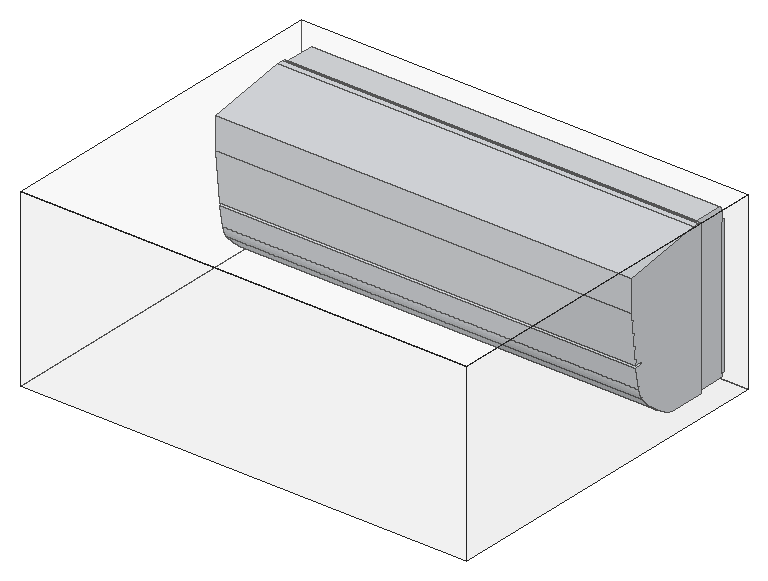
Revit family "msz-gv22_5625_60hz", category 機械設備, Revit 2019
Family settings
  丸型コネクタ寸法 = 直径を使用
  パーツ タイプ = 標準
  OmniClass 番号 = 23.75.10.24.21.27.27
  OmniClass タイトル = Split System Air Conditioning Units
  作業面ベース = いいえ
  常に垂直 = はい
  ロード時にボイドで切り取り = いいえ
  共有 = いいえ
  部屋計算ポイント = いいえ
Parameters (values of type "壁掛_MSZ-GV2225-T-IN")
  風量 = MAX風量  # 635.0 m³/h
  音響パワーレベル(dB) = if([運転音(強冷房)  db] > [運転音(強暖房)  db], [運転音(強冷房)  db], [運転音(強暖房)  db])  # 64
  電源種別 = ""
  電圧_電気ヒーター = 0 V
  電圧 = 100 V
  電動機出力_送風機 = 28.00 W
  運転音(強暖房)  db = 64
  運転音(強冷房)  db = 62
  運転音(弱暖房)  db = 43
  運転音(静冷房)  db = 41
  運転音(弱冷房)  db = 43
  運転音(中暖房)  db = 50
  運転音(中冷房)  db = 51
  運転質量 = 0.00 kg
  連動 = ""
  質量 = if(製品質量 > 運転質量, 製品質量, 運転質量) * 1.2  # 9.60 kg
  負荷分類 = 1 熱源類
  説明 = "ルームエアコン(霧ヶ峰) 　GVシリーズ　室内ユニット"
  設計暖房能力 [instance] = 0.00 kW
  設計冷房能力_顕熱 [instance] = 0 kW
  設計冷房能力 [instance] = 0 kW
  設置方法 = "壁掛 (露出)形"
  記号 [instance] = ""
  製造元 = "三菱電機株式会社"
  製品質量 = 8.00 kg
  製品出荷対象 = "国内"
  製品リリース年月 = "-"
  製品グループ = ""
  系統 [instance] = ""
  符号 = "ACR-WR"
  積算_科目 = "1 空気調和設備"
  積算_拾い区分 [instance] = ""
  相_電気ヒーター = 1
  相 = 1
  盤記号 [instance] = ""
  発停方法 = "付属スイッチ"
  特殊仕様 [instance] = ""
  火災停止 = ""
  消費電力_暖房 = 470.00 W
  消費電力_冷房 = 655.00 W
  消費電力 = 655.00 W
  法定耐用年数 = "6"
  構成品番 = ""
  極数 = 1
  材質 = ""
  本体マテリアル = none
  暖房能力 = 2.20 kW
  暖房 風量 = 635.0 m³/h
  推奨ブレーカー容量 = 0 A
  形式 = "壁掛（露出）形"
  幹線記号 = ""
  始動方式 = "直入"
  呼称 = "パッケージ形空気調和機_室内機"
  周波数 = 60 Hz
  台数_手元リモコン = ""
  参照している仕様書等のバージョン = "公共建築物標準仕様書（機械設備工事編）平成31年度版"
  加湿給水管径 = 0.00 mm
  分類コード = "50053004203000"
  分類グループ = ""
  冷房能力 = 2.2 kW
  冷房 風量 = 635.0 m³/h
  冷媒高低圧ガス管径 = 0.00 mm
  冷媒管径符号 = "Ab"
  冷媒管径 = 100.00 mm
  冷媒液管高さ = 126 mm
  冷媒液管長さ = 85 mm
  冷媒液管径 = 6.35 mm
  冷媒ガス管高さ = 126 mm
  冷媒ガス管長さ = 86 mm
  冷媒ガス管径 = 9.52 mm
  企業コード = "108420"
  付属品 [instance] = ""
  仕様書バージョン = "Version1.0"
  モデル = "MSZ-GV2225-T-IN"
  ドレン管高さ = 190 mm
  ドレン管径 = 16.00 mm
  サービススペース = yes
  コメント [instance] = ""
  【値が 0 の項目は組合せ形名にてご確認ください】 = ""
  Width = 799 mm
  Version = ""
  Uniclass2015Version = "Systems v1.9"
  Uniclass2015Title = "Split coil remote air cooled condensing units"
  Uniclass2015Code = "Pr_70_65_03_84"
  URL = "https://www.mitsubishielectric.co.jp/ldg/wink/"
  SpecificationReference = ""
  SpecificationDescription = ""
  Revision = ""
  ProductInformation = ""
  OmniClassCode = "23-33 17 13 11"
  MAX風量 = 635.0 m³/h
  IfcTypeProduct = ""
  IfcProduct = ""
  IfcExportType = "AIRCONDITIONINGUNIT"
  IfcExportAs = "IfcUnitaryEquipmentType"
  Height = 295 mm
  Depth = 225 mm
  Clearance Top = 33 mm
  Clearance Right = 40 mm
  Clearance Left = 20 mm
  Clearance Front = 445 mm
  Clearance Bottom = 7 mm
  Clearance Back = 0 mm
  COP = 0
  Author = "三菱電機株式会社"
  APF = 0
Types (13, lengths in mm): name | 風量 | 音響パワーレベル(dB) | 電圧 | 電動機出力_送風機 | 運転音(強暖房)  db | 運転音(強冷房)  db | 運転音(弱暖房)  db | 運転音(静冷房)  db | 運転音(弱冷房)  db | 運転音(中暖房)  db | 運転音(中冷房)  db | 質量 | 製品質量 | 消費電力_暖房 | 消費電力_冷房 | 消費電力 | 暖房能力 | 暖房 風量 | 冷房能力 | 冷房 風量 | モデル | MAX風量 | Clearance Front
  (no name) | 635.0 m³/h | 64 | 100 V | 28.00 W | 64 | 62 | 43 | 41 | 43 | 50 | 51 | 9.60 kg | 8.00 kg | 470.00 W | 655.00 W | 655.00 W | 2.20 kW | 635.0 m³/h | 2.2 kW | 635.0 m³/h | "MSZ-GV2225-T-IN" | 635.0 m³/h | 445
  壁掛_MSZ-GV2225-W-IN | 635.0 m³/h | 64 | 100 V | 28.00 W | 64 | 62 | 43 | 41 | 43 | 50 | 51 | 9.60 kg | 8.00 kg | 470.00 W | 655.00 W | 655.00 W | 2.20 kW | 635.0 m³/h | 2.2 kW | 635.0 m³/h | "MSZ-GV2225-W-IN" | 635.0 m³/h | 445
  壁掛_MSZ-GV2525-W-IN | 655.0 m³/h | 64 | 100 V | 28.00 W | 64 | 63 | 43 | 41 | 43 | 50 | 51 | 10.80 kg | 9.00 kg | 625.00 W | 745.00 W | 745.00 W | 2.80 kW | 655.0 m³/h | 2.5 kW | 635.0 m³/h | "MSZ-GV2525-W-IN" | 655.0 m³/h | 445
  壁掛_MSZ-GV2825-W-IN | 665.0 m³/h | 64 | 100 V | 28.00 W | 64 | 63 | 43 | 41 | 43 | 50 | 51 | 10.80 kg | 9.00 kg | 910.00 W | 800.00 W | 910.00 W | 3.60 kW | 650.0 m³/h | 2.8 kW | 665.0 m³/h | "MSZ-GV2825-W-IN" | 665.0 m³/h | 445
  壁掛_MSZ-GV3625-W-IN | 670.0 m³/h | 64 | 100 V | 28.00 W | 64 | 64 | 47 | 41 | 47 | 53 | 54 | 10.80 kg | 9.00 kg | 1215.00 W | 1415.00 W | 1415.00 W | 4.20 kW | 660.0 m³/h | 3.6 kW | 670.0 m³/h | "MSZ-GV3625-W-IN" | 670.0 m³/h | 445
  壁掛_MSZ-GV4025S-W-IN | 670.0 m³/h | 66 | 200 V | 40.00 W | 65 | 66 | 47 | 44 | 47 | 54 | 54 | 10.80 kg | 9.00 kg | 1480.00 W | 1660.00 W | 1660.00 W | 5.00 kW | 660.0 m³/h | 4 kW | 670.0 m³/h | "MSZ-GV4025S-W-IN" | 670.0 m³/h | 445
  壁掛_MSZ-GV5625S-W-IN | 785.0 m³/h | 67 | 200 V | 40.00 W | 67 | 66 | 47 | 45 | 47 | 54 | 54 | 10.80 kg | 9.00 kg | 1980.00 W | 2380.00 W | 2380.00 W | 6.70 kW | 725.0 m³/h | 5.6 kW | 785.0 m³/h | "MSZ-GV5625S-W-IN" | 785.0 m³/h | 215
  壁掛_MSZ-GV2225-T-IN | 635.0 m³/h | 64 | 100 V | 28.00 W | 64 | 62 | 43 | 41 | 43 | 50 | 51 | 9.60 kg | 8.00 kg | 470.00 W | 655.00 W | 655.00 W | 2.20 kW | 635.0 m³/h | 2.2 kW | 635.0 m³/h | "MSZ-GV2225-T-IN" | 635.0 m³/h | 445
  壁掛_MSZ-GV2525-T-IN | 655.0 m³/h | 64 | 100 V | 28.00 W | 64 | 63 | 43 | 41 | 43 | 50 | 51 | 10.80 kg | 9.00 kg | 625.00 W | 745.00 W | 745.00 W | 2.80 kW | 655.0 m³/h | 2.5 kW | 635.0 m³/h | "MSZ-GV2525-T-IN" | 655.0 m³/h | 445
  壁掛_MSZ-GV2825-T-IN | 665.0 m³/h | 64 | 100 V | 28.00 W | 64 | 63 | 43 | 41 | 43 | 50 | 51 | 10.80 kg | 9.00 kg | 910.00 W | 800.00 W | 910.00 W | 3.60 kW | 650.0 m³/h | 2.8 kW | 665.0 m³/h | "MSZ-GV2825-T-IN" | 665.0 m³/h | 445
  壁掛_MSZ-GV3625-T-IN | 670.0 m³/h | 64 | 100 V | 28.00 W | 64 | 64 | 47 | 41 | 47 | 53 | 54 | 10.80 kg | 9.00 kg | 1215.00 W | 1415.00 W | 1415.00 W | 4.20 kW | 660.0 m³/h | 3.6 kW | 670.0 m³/h | "MSZ-GV3625-T-IN" | 670.0 m³/h | 445
  壁掛_MSZ-GV4025S-T-IN | 670.0 m³/h | 66 | 200 V | 40.00 W | 65 | 66 | 47 | 44 | 47 | 54 | 54 | 10.80 kg | 9.00 kg | 1480.00 W | 1660.00 W | 1660.00 W | 5.00 kW | 660.0 m³/h | 4 kW | 670.0 m³/h | "MSZ-GV4025S-T-IN" | 670.0 m³/h | 445
  壁掛_MSZ-GV5625S-T-IN | 785.0 m³/h | 67 | 200 V | 40.00 W | 67 | 66 | 47 | 45 | 47 | 54 | 54 | 10.80 kg | 9.00 kg | 1980.00 W | 2380.00 W | 2380.00 W | 6.70 kW | 725.0 m³/h | 5.6 kW | 785.0 m³/h | "MSZ-GV5625S-T-IN" | 785.0 m³/h | 215
Reference planes
  plane 1 "中心(正面/背面)": y = 222.5
  plane 2: z = 0
  plane 3 "中心(左/右)": x = 0
  plane 4: z = 295
  plane 5: y = 340
  plane 6: y = 110
  plane 7: x = -399.5
  plane 8: x = 399.5
  plane 9: x = -419.5
  plane 10: x = 439.5
  plane 11: y = 340
  plane 12: y = -335
  plane 13: z = 328
  plane 14: z = -7
  plane 15: y = 335
  plane 16: x = 400.5
  plane 17: x = 300
Lines and regions (mm)
  Masking region 1, detail levels coarse+medium
    outline origin (0, 0, 0) x (1, 0, 0) y (0, 1, 0)
      loop
        line (-399.5, 340) -> (-399.5, 110) -> (399.5, 110) -> (399.5, 340) -> (-399.5, 340)
  symbolic lines, detail levels coarse+medium
    curve 1: line (-399.5, 340, 0) -> (399.5, 340, 0)
    curve 2: line (-399.5, 110, 0) -> (-399.5, 340, 0)
    curve 3: line (399.5, 110, 0) -> (-399.5, 110, 0)
    curve 4: line (399.5, 340, 0) -> (399.5, 110, 0)
Dimensions and locks
  equal spacing: plane 7, plane 3 "中心(左/右)", plane 8
  "Width": plane 7 to plane 8
  "Clearance Back": plane 5 to plane 11
  "Clearance Front": plane 12 to plane 6
  "Clearance Right": plane 8 to plane 10
  "Clearance Left": plane 9 to plane 7
  "Height": plane 4 to level
  "Clearance Bottom": level to plane 14
  "Clearance Top": plane 13 to plane 4
  locked: plane 15 to plane 5 at 5
  equal spacing: plane 6, plane 1 "中心(正面/背面)", plane 15
  "Depth": plane 6 to plane 15
  locked: plane 8 to plane 16 at 1
  plane 12 to plane 11 = 675 mm
  aligned and locked: level to plane 2
  aligned and locked: plane 9 to nested 1
  aligned and locked: plane 10 to nested 1
  aligned and locked: plane 12 to nested 1
  aligned and locked: plane 11 to nested 1
  aligned and locked: plane 13 to nested 1
  aligned and locked: plane 3 "中心(左/右)" to nested 2
  aligned and locked: plane 14 to nested 1
  aligned and locked: plane 5 to nested 2
  aligned and locked: Masking region 1 sketch curve to plane 8
  aligned and locked: plane 7 to Masking region 1 sketch curve
  aligned and locked: plane 5 to Masking region 1 sketch curve
  aligned and locked: Masking region 1 sketch curve to plane 6
  aligned and locked: curve 4 to plane 8
  aligned and locked: plane 7 to curve 2
  aligned and locked: curve 3 to plane 6
  aligned and locked: plane 5 to curve 1
Nested families
  nested 1: "サービススペース_MSZ-GV22-5623" at (10, 2.5, 160.5), visible <- "サービススペース", type "サービススペース_MSZ-GV22-5623"
    with Width 859 mm, Height 335 mm, Depth 675 mm
  nested 2: "MSZ-GV○○-○○-IN" at (0, 340, 0), type "MSZ-GV○○-○○-IN"
Connectors
  piping at (300, 340, 55), diameter 100, driven by "冷媒管径", driven by "冷媒管径符号"
    settings: on nested 2, index 1, connector inside diameter 609.60 mm, connector length 0 mm, flow factor 0, pipe flow 0.0 L/s, pressure drop 0.0 Pa, fitting loss kfactor 0, connector angle 0.00°, fixture units 0, engagement length 0 mm, angle of deflection 0.00°, flow configuration 1, flow direction 2, fitting loss method 4, system type 7, joint type 0, gender type 0, connector reference index -1, connector utility 0, adjustable connector no, is connector primary yes, connector description "Ab"
  piping at (300, 340, 25), diameter 16, driven by "ドレン管径"
    settings: on nested 2, index 2, connector inside diameter 609.60 mm, connector length 0 mm, flow factor 0, pipe flow 0.0 L/s, pressure drop 0.0 Pa, fitting loss kfactor 0, connector angle 0.00°, fixture units 0, engagement length 0 mm, angle of deflection 0.00°, flow configuration 1, flow direction 2, fitting loss method 4, system type 16, joint type 0, gender type 0, connector reference index -1, connector utility 0, adjustable connector no, is connector primary no, connector description ""
  electrical at (350, 170, 215), driven by "極数", driven by "負荷分類", driven by "電圧", driven by "消費電力"
    settings: on nested 2, index 5, voltage 100 V, apparent load 655 VA, apparent load phase1 0 VA, apparent load phase2 0 VA, apparent load phase3 0 VA, power factor 1, load classification "1 熱源類", number of poles 1, system type 30, power factor state 1, is connector primary yes, connector utility no, sub classification motor no, connector description ""
Definition of nested family "サービススペース_MSZ-GV22-5623"
  Parameters (values of type "サービススペース")
    Width [instance] = 500 mm
    Height [instance] = 500 mm
    Depth [instance] = 500 mm
  Reference planes
    plane 1 "中心(正面/背面)": y = 0
    plane 2: z = 0
    plane 3 "中心(左/右)": x = 0
    plane 4: y = -250
    plane 5: x = 250
    plane 6: y = 250
    plane 7: x = -250
    plane 8: z = 250
    plane 9: z = -250
  Forms (mm)
    Extrusion 1, solid
      sketch origin (-638.939, 0, 72.39) x (1, 0, 0) y (0, 1, 0)
        loop
          line (388.939, 250) -> (388.939, -250) -> (888.939, -250) -> (888.939, 250) -> (388.939, 250)
      from -322.39 to 177.61
  Lines and regions (mm)
    symbolic lines
      curve 1: line (-250, 0, 250) -> (250, 0, 250)
      curve 2: line (-250, 0, -250) -> (-250, 0, 250)
      curve 3: line (250, 0, -250) -> (-250, 0, -250)
      curve 4: line (250, 0, 250) -> (250, 0, -250)
      curve 5: line (0, -250, 250) -> (0, 250, 250)
      curve 6: line (0, -250, -250) -> (0, -250, 250)
      curve 7: line (0, 250, -250) -> (0, -250, -250)
      curve 8: line (0, 250, 250) -> (0, 250, -250)
      curve 9: line (-250, 250, 0) -> (250, 250, 0)
      curve 10: line (-250, -250, 0) -> (-250, 250, 0)
      curve 11: line (250, -250, 0) -> (-250, -250, 0)
      curve 12: line (250, 250, 0) -> (250, -250, 0)
  Dimensions and locks
    equal spacing: plane 7, plane 3 "中心(左/右)", plane 5
    equal spacing: plane 4, plane 1 "中心(正面/背面)", plane 6
    "Depth": plane 4 to plane 6
    "Width": plane 7 to plane 5
    equal spacing: plane 8, plane 2, plane 9
    "Height": plane 8 to plane 9
    aligned and locked: plane 9 to curve 3
    aligned and locked: plane 7 to curve 2
    aligned and locked: curve 4 to plane 5
    aligned and locked: plane 5 to Extrusion 1
    aligned and locked: Extrusion 1 to plane 7
    aligned and locked: Extrusion 1 to plane 9
    aligned and locked: plane 8 to Extrusion 1
    aligned and locked: plane 9 to curve 7
  Automatic sketch dimensions
    plane 4 to Extrusion 1 sketch curve = 0 mm
    Extrusion 1 sketch curve to plane 7 = 0 mm
    Extrusion 1 sketch curve to plane 5 = 0 mm
    plane 6 to Extrusion 1 sketch curve = 0 mm
    curve 2 to plane 8 = 0 mm
    plane 4 to curve 11 = 0 mm
    curve 11 to plane 7 = 0 mm
    curve 11 to plane 5 = 0 mm
    plane 6 to curve 10 = 0 mm
    curve 7 to plane 4 = 0 mm
    curve 7 to plane 6 = 0 mm
    curve 6 to plane 8 = 0 mm
Definition of nested family "MSZ-GV○○-○○-IN"
  Parameters (values of type "MSZ-GV○○-○○-IN")
    配線取出口サイズ = 26 mm
    配線取出口-Z = 0 mm
    配線取出口-Y = 0 mm
    配線取出口-X = 0 mm
    表示 [instance] = yes
    液配管サイズ = 100 mm
    H = 295 mm
    D = 225 mm
    吊りボルト_H = 230 mm
    冷媒配管サイズ = 6.35 mm
    冷媒液管径-Z = 0 mm
    冷媒液管径-Y = 0 mm
    冷媒液管径-X = 0 mm
    冷媒ガス管径-Z = 0 mm
    冷媒ガス管径-Y = 0 mm
    冷媒ガス管径-X = 0 mm
    吊りボルト-W = 300 mm
    マテリアル = none
    ドレン配管サイズ = 16 mm
    ドレン管径-Z = 0 mm
    ドレン管径-Y = 0 mm
    ドレン管径-X = 0 mm
    ガス配管サイズ = 9.52 mm
    吊りボルト-D = 200 mm
    W = 799 mm
  Reference planes
    plane 1 "中心(正面/背面)": y = 0
    plane 2: z = 0
    plane 3 "中心(左/右)": x = 0
    plane 4: z = 295
    plane 5: x = -399.5
    plane 6: x = 399.5
    plane 7: y = -230
    plane 8: y = -5
    plane 9: x = 392.5
    plane 10: x = -392.5
    plane 11: y = -23
    plane 12: z = 25
    plane 13: z = 45
    plane 14: z = 65
    plane 15: z = 55
    plane 16: x = 350
    plane 17: x = 393.5
    plane 18: y = -170
    plane 19: z = 215
    plane 20: y = -171
  Forms (mm)
    Extrusion 1, solid, material <- "マテリアル", visible <- "表示", detail levels fine
      sketch origin (399.5, 1296.25, 1200) x (0, 1, 0) y (0, 0, 1)
        loop
          line (-1361.25, -905) -> (-1366.084, -905)
          arc (-1366.084, -905) -> (-1371.503, -905.1) -> (-1376.915, -905.401) r 146.284
          arc (-1376.915, -905.401) -> (-1452.131, -914.37) -> (-1526.25, -930) r 850.001
          line (-1526.25, -930) -> (-1526.25, -989.75)
          arc (-1526.25, -989.75) -> (-1523.968, -1036.991) -> (-1517.141, -1083.791) r 490
          line (-1517.141, -1083.791) -> (-1502.319, -1081.522) -> (-1501.562, -1086.464) -> (-1516.32, -1088.918) -> (-1509.396, -1127.328)
          arc (-1509.396, -1127.328) -> (-1505.888, -1138.744) -> (-1499.774, -1149.003) r 50
          arc (-1499.774, -1149.003) -> (-1475.445, -1174.399) -> (-1446.288, -1194.065) r 165.075
          arc (-1446.288, -1194.065) -> (-1437.659, -1197.419) -> (-1428.49, -1198.699) r 40
          line (-1428.49, -1198.699) -> (-1371.251, -1200) -> (-1361.25, -1200) -> (-1361.25, -905)
      from -799 to 0
    Extrusion 2, solid, material <- "マテリアル", visible <- "表示", detail levels fine
      sketch origin (399.5, 1296.25, 1200) x (0, 1, 0) y (0, 0, 1)
        loop
          line (-1361.25, -1200) -> (-1301.25, -1200) -> (-1301.25, -911.805) -> (-1305.18, -905) -> (-1361.25, -905) -> (-1361.25, -1200)
      from -792 to -7
    Extrusion 3, solid, material <- "マテリアル", visible <- "表示", detail levels fine
      sketch origin (399.5, 1296.25, 1200) x (0, 1, 0) y (0, 0, 1)
        loop
          line (-1301.25, -1192) -> (-1296.25, -1192) -> (-1296.25, -930) -> (-1301.25, -930) -> (-1301.25, -1192)
      from -792 to -7
    Extrusion 4, solid, material <- "マテリアル", visible <- "表示", detail levels fine
      sketch origin (-1019.25, 6, 1200) x (-1, 0, 0) y (0, 0, 1)
        loop
          circle (-1319.25, -1175) r 8
      from -7 to -6
    Extrusion 5, solid, material <- "マテリアル", visible <- "表示", detail levels fine
      sketch origin (-1019.25, 6, 1200) x (-1, 0, 0) y (0, 0, 1)
        loop
          circle (-1319.25, -1155) r 3.175
      from -7 to -6
    Extrusion 6, solid, material <- "マテリアル", visible <- "表示", detail levels fine
      sketch origin (-1019.25, 6, 1200) x (-1, 0, 0) y (0, 0, 1)
        loop
          circle (-1319.25, -1135) r 4.76
      from -7 to -6
    Extrusion 7, solid, material <- "マテリアル", visible <- "表示", detail levels fine
      sketch origin (-1019.25, 6, 1200) x (-1, 0, 0) y (0, 0, 1)
        loop
          circle (-1319.25, -1145) r 15
      from -7 to -6
    Extrusion 8, solid, material <- "マテリアル", visible <- "表示", detail levels fine
      sketch origin (0, 0, 0) x (1, 0, 0) y (0, 0, 1)
        loop
          line (349, 216) -> (349, 214) -> (351, 214) -> (351, 216) -> (349, 216)
      from 170 to 171
  Dimensions and locks
    equal spacing: plane 5, plane 3 "中心(左/右)", plane 6
    "W": plane 5 to plane 6
    "H": plane 4 to level
    locked: plane 8 to plane 1 "中心(正面/背面)" at 5
    "D": plane 7 to plane 8
    locked: plane 5 to plane 10 at 7
    locked: plane 9 to plane 6 at 7
    plane 11 to plane 8 = 18 mm
    plane 12 to level = 25 mm
    plane 13 to level = 45 mm
    plane 14 to level = 65 mm
    equal spacing: plane 14, plane 15, plane 13
    locked: plane 9 to plane 17 at 1
    plane 3 "中心(左/右)" to plane 16 = 350 mm
    plane 18 to plane 1 "中心(正面/背面)" = 170 mm
    plane 4 to plane 19 = 80 mm
    locked: plane 20 to plane 18 at 1
    "ドレン配管サイズ": diameter of Extrusion 4 sketch curve
    "冷媒配管サイズ": diameter of Extrusion 5 sketch curve
    "ガス配管サイズ": diameter of Extrusion 6 sketch curve
    aligned and locked: level to plane 2
    aligned and locked: Extrusion 1 sketch curve to plane 7
    aligned and locked: Extrusion 1 sketch curve to level
    aligned and locked: Extrusion 1 sketch curve to plane 4
    aligned and locked: Extrusion 1 to plane 5
    aligned and locked: plane 6 to Extrusion 1
    aligned and locked: Extrusion 2 sketch curve to plane 8
    aligned and locked: Extrusion 2 sketch curve to level
    aligned and locked: Extrusion 2 sketch curve to plane 4
    aligned and locked: Extrusion 2 to plane 10
    aligned and locked: plane 9 to Extrusion 2
    aligned and locked: Extrusion 3 sketch curve to plane 8
    aligned and locked: Extrusion 3 sketch curve to plane 1 "中心(正面/背面)"
    aligned and locked: Extrusion 3 to plane 10
    aligned and locked: plane 9 to Extrusion 3
    aligned and locked: plane 12 to Extrusion 4 sketch curve
    aligned and locked: plane 13 to Extrusion 5 sketch curve
    aligned and locked: plane 14 to Extrusion 6 sketch curve
    aligned and locked: plane 15 to Extrusion 7 sketch curve
    aligned and locked: plane 20 to Extrusion 8
    aligned and locked: Extrusion 8 to plane 18
  Automatic sketch dimensions
    Extrusion 8 sketch curve to plane 16 = 1 mm
    plane 19 to Extrusion 8 sketch curve = 1 mm
    Extrusion 8 sketch curve to plane 19 = 1 mm
    plane 16 to Extrusion 8 sketch curve = 1 mm
    Extrusion 1 sketch curve to plane 7 = 9.109 mm
    Extrusion 1 sketch curve to Extrusion 1 sketch curve = 0.821 mm
    plane 14 to Extrusion 1 sketch curve = 7.672 mm
    Extrusion 1 sketch curve to plane 7 = 16.855 mm
    Extrusion 1 sketch curve to Extrusion 1 sketch curve = 14.823 mm
    Extrusion 1 sketch curve to Extrusion 1 sketch curve = 0.757 mm
    Extrusion 1 sketch curve to plane 18 = 6.061 mm
    level to Extrusion 1 sketch curve = 1.301 mm
    Extrusion 1 sketch curve to plane 18 = 37.761 mm
    Extrusion 1 sketch curve to plane 13 = 3.709 mm
    Extrusion 1 sketch curve to Extrusion 1 sketch curve = 0.909 mm
    plane 11 to Extrusion 1 sketch curve = 49.834 mm
    plane 11 to Extrusion 1 sketch curve = 46.833 mm
    Extrusion 1 sketch curve to Extrusion 1 sketch curve = 10.001 mm
    Extrusion 1 sketch curve to plane 11 = 5.269 mm
    Extrusion 1 sketch curve to plane 19 = 4.75 mm
    Extrusion 1 sketch curve to plane 1 "中心(正面/背面)" = 260 mm
    Extrusion 1 sketch curve to level = 553.069 mm
    Extrusion 1 sketch curve to Extrusion 1 sketch curve = 8.871 mm
    Extrusion 1 sketch curve to Extrusion 1 sketch curve = 2.454 mm
    Extrusion 1 sketch curve to Extrusion 1 sketch curve = 4.942 mm
    Extrusion 1 sketch curve to plane 19 = 66.284 mm
    Extrusion 1 sketch curve to Extrusion 1 sketch curve = 3.128 mm
    Extrusion 1 sketch curve to plane 4 = 25 mm
    Extrusion 1 sketch curve to Extrusion 1 sketch curve = 0 mm
    plane 8 to Extrusion 2 sketch curve = 3.929 mm
    plane 11 to Extrusion 2 sketch curve = 42 mm
    Extrusion 2 sketch curve to plane 4 = 6.805 mm
    level to Extrusion 3 sketch curve = 8 mm
    Extrusion 3 sketch curve to plane 4 = 25 mm
    Extrusion 7 sketch curve to plane 16 = 50 mm
    Extrusion 4 sketch curve to plane 16 = 50 mm
    Extrusion 5 sketch curve to plane 16 = 50 mm
    Extrusion 6 sketch curve to plane 16 = 50 mm
    radius of Extrusion 7 sketch curve = 15 mm
